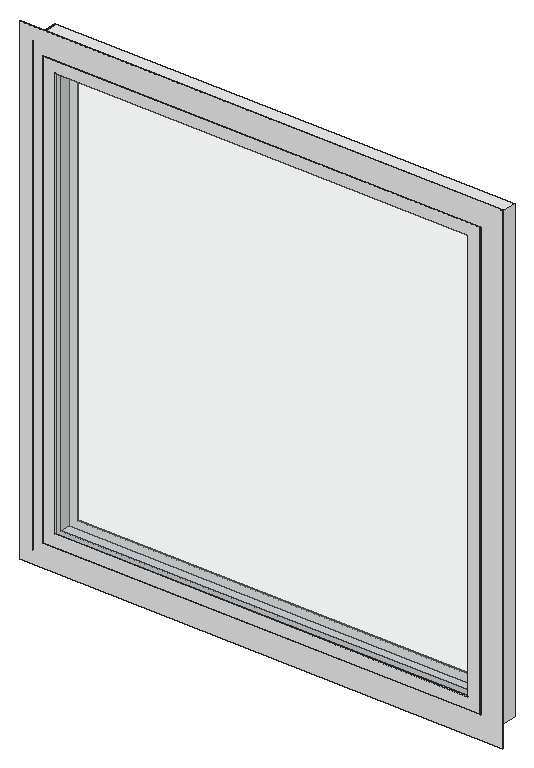
Revit family "Casement_30.5_A_Top_Hung_Standard", category Windows, host Wall, Revit 2014
Parameters (values of type "Casement_Sash_DG")
  Width Sash [instance] = 30 mm
  Width Sash Inner = 15 mm
  Width Bead = 15 mm
  Top Hung [instance] = yes
  Side Hung Right [instance] = yes
  Side Hung Left [instance] = yes
  Sash Opening Width [instance] = 600 mm
  Sash Opening Height [instance] = 600.312 mm
  Sash Lip = 15 mm
  Glazing Material [instance] = Glass
  DG Start Piece 2 [instance] = DG End Piece 1 + DG Gasket Thickness  # 25 mm
  DG Start Peice 1 [instance] = (Depth Sash - (2 * DG Glazing Thickness) - DG Gasket Thickness) / 2  # 6.6 mm
  Glazing Offset = 5 mm
  DG Glazing Thickness [instance] = 6.4 mm
  DG Gasket Thickness = 12 mm  # constant formula
  DG Gasket Material [instance] = none
  DG End Piece 2 [instance] = DG Start Piece 2 + DG Glazing Thickness  # 31.4 mm
  DG End Piece 1 [instance] = DG Start Peice 1 + DG Glazing Thickness  # 13 mm
  Depth Sash [instance] = 38 mm
  Center Vertical Sash [instance] = Sash Opening Height / 2  # 300.156 mm
  Center Horizontal Sash [instance] = Sash Opening Width / 2  # 300 mm
  Bottom Hung [instance] = yes
  Bead Offset = 15 mm
  Aluminium Thickness = 1 mm
  Aluminium Material [instance] = White Powder Coated Aluminium
Reference planes
  plane 1 "Center (Front/Back)": y = 0
  plane 2: z = 0
  plane 3 "Center (Left/Right)": x = 0
Forms (mm)
  Sweep 1, solid, material "White Powder Coated Aluminium" <- "Aluminium Material"
    path origin (16.177, 0, 121.331) x (1, 0, 0) y (0, 0, 1)
      loop
        line (0, 0) -> (600, 0) -> (600, 600.312) -> (0, 600.312) -> (0, 0)
    profile origin (316.177, 0, 121.331) x (0, 0, 1) y (0, -1, 0)
      loop
        line (0, 0) -> (30, 0) -> (30, 1) -> (15, 1) -> (15, 38) -> (-15, 38) -> (-15, 37) -> (0, 37) -> (0, 0)
      loop
        line (14, 1) -> (14, 37) -> (1, 37) -> (1, 1) -> (14, 1)
  Sweep 2, solid, material "White Powder Coated Aluminium" <- "Aluminium Material"
    path origin (0, 0, 0) x (1, 0, 0) y (0, 0, 1)
      loop
        line (31.177, 706.643) -> (31.177, 136.331) -> (601.177, 136.331) -> (601.177, 706.643) -> (31.177, 706.643)
    profile origin (316.177, 0, 706.643) x (0, 0, 1) y (0, -1, 0)
      loop
        line (0, 37) -> (0, 38) -> (-15, 38) -> (-15, 37) -> (0, 37)
  Extrusion 3, solid, material "Glass" <- "Glazing Material"
    sketch origin (0, 0, 0) x (1, 0, 0) y (0, 0, 1)
      loop
        line (36.177, 701.643) -> (36.177, 141.331) -> (596.177, 141.331) -> (596.177, 701.643) -> (36.177, 701.643)
    from 6.6 <- "DG Start Peice 1" to 13 <- "DG End Piece 1"
  Extrusion 4, solid, material "Glass" <- "Glazing Material"
    sketch origin (0, 0, 0) x (1, 0, 0) y (0, 0, 1)
      loop
        line (36.177, 701.643) -> (36.177, 141.331) -> (596.177, 141.331) -> (596.177, 701.643) -> (36.177, 701.643)
    from 31.4 <- "DG End Piece 2" to 25 <- "DG Start Piece 2"
  Sweep 5, solid, material <- "DG Gasket Material"
    path origin (0, -13, 0) x (1, 0, 0) y (0, 0, 1)
      loop
        line (36.177, 701.643) -> (36.177, 141.331) -> (596.177, 141.331) -> (596.177, 701.643) -> (36.177, 701.643)
    profile origin (316.177, -13, 701.643) x (0, 0, 1) y (0, -1, 0)
      loop
        line (0, 0) -> (0, 12) -> (-7.96, 12) -> (-7.96, 0) -> (0, 0)
Lines and regions (mm)
  model lines
    curve 1: line (1.177, -38, 736.643) -> (31.177, -38, 706.643)
    curve 2: line (601.177, -38, 706.643) -> (631.177, -38, 736.643)
    curve 3: line (601.177, -38, 136.331) -> (631.177, -38, 106.331)
    curve 4: line (1.177, -38, 106.331) -> (31.177, -38, 136.331)
    curve 5: line (631.177, -37, 736.643) -> (616.177, -37, 721.643)
    curve 6: line (1.177, -37, 736.643) -> (16.177, -37, 721.643)
    curve 7: line (1.177, -37, 106.331) -> (16.177, -37, 121.331)
    curve 8: line (631.177, -37, 106.331) -> (616.177, -37, 121.331)
    curve 9: line (616.177, 0, 121.331) -> (586.177, 0, 151.331)
    curve 10: line (46.177, 0, 151.331) -> (16.177, 0, 121.331)
    curve 11: line (616.177, 0, 721.643) -> (586.177, 0, 691.643)
    curve 12: line (46.177, 0, 691.643) -> (16.177, 0, 721.643)
    curve 13: line (31.177, -38, 691.643) -> (46.177, -38, 691.643)
    curve 14: line (586.177, -38, 691.643) -> (601.177, -38, 691.643)
    curve 15: line (586.177, -38, 151.331) -> (601.177, -38, 151.331)
    curve 16: line (31.177, -38, 151.331) -> (46.177, -38, 151.331)
  model lines, style "GenericModelHiddenLines", visible <- "Top Hung"
    curve 17: line (46.386, -31.4, 690.914) -> (316.177, -31.4, 151.331)
    curve 18: line (316.177, -31.4, 151.331) -> (586.177, -31.4, 691.331)
  model lines, style "GenericModelHiddenLines", visible <- "Bottom Hung"
    curve 19: line (46.177, -31.4, 151.331) -> (316.177, -31.4, 691.331)
    curve 20: line (316.177, -31.4, 691.331) -> (586.177, -31.4, 151.331)
  model lines, style "GenericModelHiddenLines", visible <- "Side Hung Left"
    curve 21: line (46.386, -31.4, 690.914) -> (585.24, -31.4, 421.487)
    curve 22: line (585.24, -31.4, 421.487) -> (46.177, -31.4, 151.331)
  model lines, style "GenericModelHiddenLines", visible <- "Side Hung Right"
    curve 23: line (586.177, -31.4, 691.331) -> (46.177, -31.4, 421.487)
    curve 24: line (46.177, -31.4, 421.487) -> (586.177, -31.4, 151.331)
Dimensions and locks
  "Aluminium Thickness": Sweep 1 sketch curve to Sweep 1 sketch curve  (x4)
  "Depth Sash": Sweep 1 sketch curve to Sweep 1 sketch curve
  "Sash Opening Width": Sweep 1 to Sweep 1
  "Sash Opening Height": Sweep 1 to Sweep 1
  "Width Sash": Sweep 1 sketch curve to Sweep 1 sketch curve  (x2)
  "Width Sash Inner": Sweep 1 sketch curve to Sweep 1 sketch curve
  "Sash Lip": Sweep 1 sketch curve to Sweep 1 sketch curve
  "Aluminium Thickness": Sweep 1 to Sweep 2 sketch curve
  "Glazing Offset": Sweep 2 to Extrusion 3 sketch curve  (x3)
  "Glazing Offset": Extrusion 3 sketch curve to Sweep 2
  Sweep 1 to Sweep 1 = 1 mm
  "Aluminium Thickness": Sweep 2 sketch curve to Sweep 2 sketch curve
  "Width Bead": Sweep 2 sketch curve to Sweep 2 sketch curve
  locked: Sweep 5 sketch curve to Sweep 5 sketch curve at 7.96
  "Center Horizontal Sash": Sweep 1 to curve 18
  "Center Horizontal Sash": Sweep 1 to curve 20
  "Center Vertical Sash": Sweep 1 to curve 22
  "Center Vertical Sash": Sweep 1 to curve 24
  aligned and locked: level to plane 2
  aligned and locked: Sweep 1 sketch curve to Sweep 1 sketch curve  (x2)
  aligned and locked: Sweep 2 sketch curve to Sweep 1  (x5)
  aligned and locked: Extrusion 4 sketch curve to Extrusion 3  (x4)
  aligned and locked: Sweep 5 sketch curve to Extrusion 3  (x5)
  aligned and locked: Extrusion 3 to Sweep 5 sketch curve
Automatic sketch dimensions
  plane 3 "Center (Left/Right)" to Sweep 1 sketch curve = 16.177 mm
  level to Sweep 1 sketch curve = 121.331 mm
  plane 3 "Center (Left/Right)" to Sweep 1 sketch curve = 616.177 mm
  level to Sweep 1 sketch curve = 721.643 mm
  profile plane to Sweep 5 sketch curve = 12 mm
  curve 7 to Sweep 1 = 0 mm  (x4)
  curve 6 to Sweep 1 = 0 mm  (x3)
  Sweep 1 to curve 6 = 0 mm
  curve 5 to Sweep 1 = 0 mm  (x3)
  curve 8 to Sweep 1 = 0 mm  (x4)
  Sweep 1 to curve 5 = 0 mm
  curve 16 to Sweep 2 = 0 mm  (x3)
  curve 13 to Sweep 2 = 0 mm  (x3)
  curve 15 to Sweep 2 = 0 mm
  Sweep 2 to curve 15 = 0 mm  (x2)
  curve 14 to Sweep 2 = 0 mm  (x2)
  Sweep 2 to curve 14 = 0 mm
  curve 1 to Sweep 1 = 0 mm  (x4)
  curve 4 to Sweep 1 = 0 mm  (x3)
  Sweep 1 to curve 4 = 0 mm
  curve 3 to Sweep 1 = 0 mm  (x3)
  curve 2 to Sweep 1 = 0 mm  (x4)
  Sweep 1 to curve 3 = 0 mm
  curve 10 to Sweep 1 = 0 mm  (x4)
  curve 12 to Sweep 1 = 0 mm  (x3)
  Sweep 1 to curve 12 = 0 mm
  curve 9 to Sweep 1 = 0 mm  (x4)
  curve 11 to Sweep 1 = 0 mm  (x3)
  Sweep 1 to curve 11 = 0 mm
  Sweep 1 sketch curve to plane 1 "Center (Front/Back)" = 0 mm
  profile plane to Sweep 1 sketch curve = 0 mm
  curve 21 to Extrusion 4 = 10.208 mm
  curve 19 to Extrusion 4 = 10 mm
  curve 23 to Extrusion 4 = 10 mm  (x2)
  curve 22 to Extrusion 4 = 10.937 mm
  curve 20 to Extrusion 4 = 10 mm
  curve 24 to Extrusion 4 = 10 mm
  curve 22 to Extrusion 4 = 10 mm
  curve 18 to Extrusion 4 = 10 mm
  curve 21 to Extrusion 4 = 10.729 mm
  curve 19 to Extrusion 4 = 10.312 mm
  curve 18 to Extrusion 4 = 10.312 mm
Types in the file's own list only (6): name | Windload Design | Width Sash Opening | Width Sash | Width Profile | Width | URL | Max Pane Area | Max System DG One Piece Thickness | Max System DG Unit Thickness | Intruderprufe U Value | Intruderprufe SHGC Value | Intruderprufe LowE U Value | Intruderprufe LowE SHGC Value | Height | Energy Advantage SHGC Value | DG Thickness Calc | DG Thickness | Custom Window Width | Custom Window Height | Window Exterior Offset | Custom Windload | Sash Width | Sash Height | Sash Spacing Inner | Sash Overlap | Sash Center Offset | SG Gasket Thickness | Offset Sash Left | Offset Sash 1 Top | Offset Bead SG Center Reversed | Model | Manufacturer | Limit Window Width Min | Limit Window Width Max | Limit Window Height Min | Limit Window Height Max | Limit Sash Width Min | Limit Sash Width Max | Limit Sash Height Min | Limit Sash Height Max | Height Sash 1 Opening | Height Sash | Double Glazing | Description | Frame Center Offset | Depth Bead | Default Sill Height | Wall Closure | DG Gasket Finish | DG Extrusion Start | Offset Window Exterior | Clearvue U Value | Clearvue SHGC Value | Casement Dimension | Bottom Hung | Bead SG Gap
  305-0606T-1000Pa | 1000 mm | 545 mm | 514 mm | 30 mm | 590 mm | "http://www.crealco.co.za/crealco-products.php" | 0.20 m² | 3 mm | 18 mm | 6.05 | 0.477 | 4.92 | 0.426 | 590 mm | 0.452 | 3 mm | 3 mm | 590 mm | 590 mm | 0 mm | 1000 mm | 545 mm | 545 mm | 8 mm | 7 mm | 12 mm | 6 mm | 23 mm | 23 mm | 15 mm | "Casement 30.5" | "Crealco" | 346 mm | 1046 mm | 346 mm | 796 mm | 300 mm | 1000 mm | 300 mm | 750 mm | 545 mm | 514 mm | No | "Window 30.5mm, Type A top hung" | 15 mm | 17 mm | 800 mm | By host | Double Glazing Gasket Material | 5 mm | 15 mm | 6.18 | 0.503 | 31 mm | No | 13 mm
  305-0906T-1000Pa | 1000 mm | 845 mm | 814 mm | 30 mm | 890 mm | "http://www.crealco.co.za/crealco-products.php" | 0.33 m² | 3 mm | 18 mm | 6 | 0.524 | 4.73 | 0.466 | 590 mm | 0.496 | 3 mm | 3 mm | 890 mm | 590 mm | 0 mm | 1000 mm | 845 mm | 545 mm | 8 mm | 7 mm | 12 mm | 6 mm | 23 mm | 23 mm | 15 mm | "Casement 30.5" | "Crealco" | 346 mm | 1046 mm | 346 mm | 796 mm | 300 mm | 1000 mm | 300 mm | 750 mm | 545 mm | 514 mm | No | "Window 30.5mm, Type A top hung" | 15 mm | 17 mm | 800 mm | By host | Double Glazing Gasket Material | 5 mm | 15 mm | 6.14 | 0.553 | 31 mm | No | 13 mm
  305-0606T-1500Pa | 1500 mm | 545 mm | 514 mm | 30 mm | 590 mm | "http://www.crealco.co.za/crealco-products.php" | 0.20 m² | 3 mm | 18 mm | 6.05 | 0.477 | 4.92 | 0.426 | 590 mm | 0.452 | 3 mm | 3 mm | 590 mm | 590 mm | 0 mm | 1500 mm | 545 mm | 545 mm | 8 mm | 7 mm | 12 mm | 6 mm | 23 mm | 23 mm | 15 mm | "Casement 30.5" | "Crealco" | 346 mm | 1046 mm | 346 mm | 796 mm | 300 mm | 1000 mm | 300 mm | 750 mm | 545 mm | 514 mm | No | "Window 30.5mm, Type A top hung" | 15 mm | 17 mm | 800 mm | By host | Double Glazing Gasket Material | 5 mm | 15 mm | 6.18 | 0.503 | 31 mm | No | 13 mm
  305-0606T-2000Pa | 2000 mm | 545 mm | 514 mm | 30 mm | 590 mm | "http://www.crealco.co.za/crealco-products.php" | 0.20 m² | 3 mm | 18 mm | 6.05 | 0.477 | 4.92 | 0.426 | 590 mm | 0.452 | 3 mm | 3 mm | 590 mm | 590 mm | 0 mm | 2000 mm | 545 mm | 545 mm | 8 mm | 7 mm | 12 mm | 6 mm | 23 mm | 23 mm | 15 mm | "Casement 30.5" | "Crealco" | 346 mm | 1046 mm | 346 mm | 796 mm | 300 mm | 1000 mm | 300 mm | 750 mm | 545 mm | 514 mm | No | "Window 30.5mm, Type A top hung" | 15 mm | 17 mm | 800 mm | By host | Double Glazing Gasket Material | 5 mm | 15 mm | 6.18 | 0.503 | 31 mm | No | 13 mm
  305-0906T-1500Pa | 1500 mm | 845 mm | 814 mm | 30 mm | 890 mm | "http://www.crealco.co.za/crealco-products.php" | 0.33 m² | 3 mm | 18 mm | 6 | 0.524 | 4.73 | 0.466 | 590 mm | 0.496 | 3 mm | 3 mm | 890 mm | 590 mm | 0 mm | 1500 mm | 845 mm | 545 mm | 8 mm | 7 mm | 12 mm | 6 mm | 23 mm | 23 mm | 15 mm | "Casement 30.5" | "Crealco" | 346 mm | 1046 mm | 346 mm | 796 mm | 300 mm | 1000 mm | 300 mm | 750 mm | 545 mm | 514 mm | No | "Window 30.5mm, Type A top hung" | 15 mm | 17 mm | 800 mm | By host | Double Glazing Gasket Material | 5 mm | 15 mm | 6.14 | 0.553 | 31 mm | No | 13 mm
  305-0906T-2000Pa | 2000 mm | 845 mm | 814 mm | 30 mm | 890 mm | "http://www.crealco.co.za/crealco-products.php" | 0.33 m² | 3 mm | 18 mm | 6 | 0.524 | 4.73 | 0.466 | 590 mm | 0.496 | 3 mm | 3 mm | 890 mm | 590 mm | 0 mm | 2000 mm | 845 mm | 545 mm | 8 mm | 7 mm | 12 mm | 6 mm | 23 mm | 23 mm | 15 mm | "Casement 30.5" | "Crealco" | 346 mm | 1046 mm | 346 mm | 796 mm | 300 mm | 1000 mm | 300 mm | 750 mm | 545 mm | 514 mm | No | "Window 30.5mm, Type A top hung" | 15 mm | 17 mm | 800 mm | By host | Double Glazing Gasket Material | 5 mm | 15 mm | 6.14 | 0.553 | 31 mm | No | 13 mm
